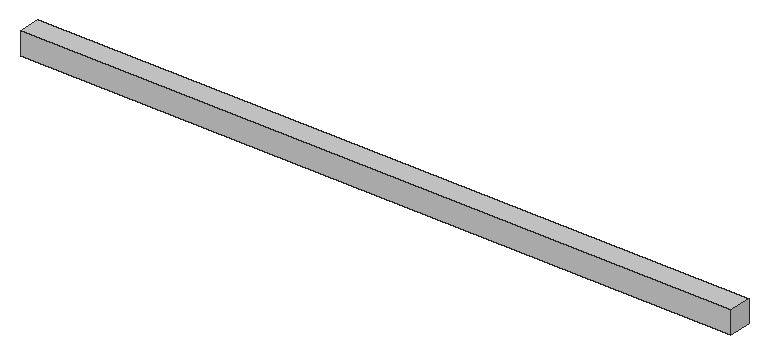
Revit family "M_Barras quadradas", category Quadro estrutural, Revit 2019
Family settings
  Arredondamento do comprimento do framing estrutural = 0.10 mm
  Forma do corte = Barra retangular
  Material para o comportamento do modelo = Aço
  Exportar sempre como geometria = Não
  Family Name Key = M_Square Bars
  Número OmniClass = 23.25.30.11.14.14
  Título OmniClass = Beams
  ID de item do Seek = M_Square Bar-0000-USA-ENU
  Sempre na vertical = Sim
  Corte com vazios quando carregada = Não
  Representação simbólica = Das configurações de projeto
  Compartilhado = Não
  Exibir o pré-corte da família na vista da planta = Sim
Parameters (values of type "RV38.1")
  Width = 38.10 mm
  Torsional Moment of Inertia = 0 cm⁴
  Torsional Modulus = 0.0 mm³
  Structural Material [instance] = Aço ASTM A36
  Chave do nome do corte = "RV 1 1/2"
  Section Area = 1451.6 mm²
  Plastic Modulus weak axis = 13827.0 mm³
  Plastic Modulus strong axis = 13827.0 mm³
  Perimeter = 0.49869 (stored number, unit not read)
  Nominal Weight = 0 N/m
  Moment of Inertia weak axis = 17.56 cm⁴
  Moment of Inertia strong axis = 17.56 cm⁴
  Length [instance] = 1500.00 mm
  Height = 38.10 mm
  Elastic Modulus weak axis = 9218.0 mm³
  Elastic Modulus strong axis = 9218.0 mm³
  Centroid Vertical = Height / 2  # 19.05 mm
  Centroid Horizontal = Width / 2  # 19.05 mm
  Código de montagem = "B10"
Reference planes
  plane 1 "Centro (Frente/Trás)": y = 0
  plane 2: z = 0
  plane 3 "Centro (Esquerda/Direita)": x = 4.61
  plane 4 "Membro esquerdo": x = -604.99
  plane 5 "Membro direito": x = 614.21
  plane 6: y = 19.05
  plane 7: y = -19.05
  plane 8 "Esquerda": x = -757.39
  plane 9 "Direita": x = 742.61
  plane 10: z = 19.05
  plane 11: z = -19.05
Forms (mm)
  Sweep 1, solid, material "Aço ASTM A36" <- "Structural Material", detail levels medium+fine
    path origin (0, 0, 0) x (1, 0, 0) y (0, 1, 0)
      loop
        line (-604.99, 0) -> (614.21, 0)
    profile "M_Barra plana-perfil : M_Barra plana-perfil" origin (4.61, 0, 0) x (0, 1, 0) y (0, 0, 1)
      loop
        line (-19.05, 19.05) -> (-19.05, -19.05) -> (19.05, -19.05) -> (19.05, 19.05) -> (-19.05, 19.05)
Lines and regions (mm)
  symbolic lines, style "Faces ocultas", detail levels medium+fine
    curve 1: line (-604.99, 0, -3.15) -> (614.21, 0, -3.15)
    curve 2: line (-604.99, 0, 3.15) -> (614.21, 0, 3.15)
  symbolic lines, style "Símbolos de vara", detail levels coarse
    curve 3: line (4.61, 19.05, 19.05) -> (4.61, -19.05, 19.05)
    curve 4: line (4.61, 19.05, -19.05) -> (4.61, 19.05, 19.05)
    curve 5: line (4.61, -19.05, -19.05) -> (4.61, 19.05, -19.05)
    curve 6: line (4.61, -19.05, 19.05) -> (4.61, -19.05, -19.05)
Dimensions and locks
  equal spacing: plane 6, plane 1 "Centro (Frente/Trás)", plane 7
  "Length": plane 8 "Esquerda" to plane 9 "Direita"
  equal spacing: plane 10, level, plane 11
  "Height": plane 10 to plane 11
  "Width": plane 6 to plane 7
  aligned and locked: plane 4 "Membro esquerdo" to curve 1
  aligned and locked: plane 5 "Membro direito" to curve 1
  aligned and locked: plane 4 "Membro esquerdo" to curve 2
  aligned and locked: plane 5 "Membro direito" to curve 2
  aligned and locked: plane 2 to level
  aligned and locked: plane 4 "Membro esquerdo" to Sweep 1 sketch curve
  aligned and locked: plane 5 "Membro direito" to Sweep 1 sketch curve
  aligned and locked: plane 1 "Centro (Frente/Trás)" to Sweep 1 sketch curve
  aligned and locked: curve 3 to Sweep 1
  aligned and locked: curve 4 to Sweep 1
  aligned and locked: curve 5 to Sweep 1
  aligned and locked: curve 6 to Sweep 1
Automatic sketch dimensions
  curve 1 to level = 3.15 mm
  level to curve 2 = 3.15 mm
Types in the file's own list only (191): name | Largura | Momento de inércia de torção | Módulo de torção | Chave do nome do corte | Área de corte | Eixo fraco do módulo plástico | Eixo forte do módulo plástico | Perímetro | Peso nominal | Eixo fraco do momento de inércia | Eixo forte do momento de inércia | Altura | Eixo fraco do módulo de elasticidade | Eixo forte do módulo de elasticidade | Centróide vertical | Centróide horizontal
  RV25.4 | 25.4 mm | 0.00 mm4 | 0.0 mm³ | "RV 1" | 645.2 mm² | 4097.0 mm³ | 4097.0 mm³ | 0.10 m²/m | 0.00 kgf/m | 34686.00 mm4 | 34686.00 mm4 | 25.4 mm | 2731.0 mm³ | 2731.0 mm³ | 12.7 mm | 12.7 mm
  RV26.99 | 27.0 mm | 0.00 mm4 | 0.0 mm³ | "RV 1 1/16" | 728.3 mm² | 4914.0 mm³ | 4914.0 mm³ | 0.11 m²/m | 0.00 kgf/m | 44205.00 mm4 | 44205.00 mm4 | 27.0 mm | 3276.0 mm³ | 3276.0 mm³ | 13.5 mm | 13.5 mm
  RV31.75 | 31.8 mm | 0.00 mm4 | 0.0 mm³ | "RV 1 1/4" | 1008.1 mm² | 8001.0 mm³ | 8001.0 mm³ | 0.13 m²/m | 0.00 kgf/m | 84683.00 mm4 | 84683.00 mm4 | 31.8 mm | 5334.0 mm³ | 5334.0 mm³ | 15.9 mm | 15.9 mm
  RV28.58 | 28.6 mm | 0.00 mm4 | 0.0 mm³ | "RV 1 1/8" | 816.5 mm² | 5833.0 mm³ | 5833.0 mm³ | 0.11 m²/m | 0.00 kgf/m | 55560.00 mm4 | 55560.00 mm4 | 28.6 mm | 3889.0 mm³ | 3889.0 mm³ | 14.3 mm | 14.3 mm
  RV42.86 | 42.9 mm | 0.00 mm4 | 0.0 mm³ | "RV 1 11/16" | 1837.2 mm² | 19687.0 mm³ | 19687.0 mm³ | 0.17 m²/m | 0.00 kgf/m | 281273.00 mm4 | 281273.00 mm4 | 42.9 mm | 13124.0 mm³ | 13124.0 mm³ | 21.4 mm | 21.4 mm
  RV46.04 | 46.0 mm | 0.00 mm4 | 0.0 mm³ | "RV 1 13/16" | 2119.5 mm² | 24394.0 mm³ | 24394.0 mm³ | 0.18 m²/m | 0.00 kgf/m | 374340.00 mm4 | 374340.00 mm4 | 46.0 mm | 16262.0 mm³ | 16262.0 mm³ | 23.0 mm | 23.0 mm
  RV49.21 | 49.2 mm | 0.00 mm4 | 0.0 mm³ | "RV 1 15/16" | 2421.9 mm² | 29797.0 mm³ | 29797.0 mm³ | 0.20 m²/m | 0.00 kgf/m | 488788.00 mm4 | 488788.00 mm4 | 49.2 mm | 19864.0 mm³ | 19864.0 mm³ | 24.6 mm | 24.6 mm
  RV30.16 | 30.2 mm | 0.00 mm4 | 0.0 mm³ | "RV 1 3/16" | 909.8 mm² | 6860.0 mm³ | 6860.0 mm³ | 0.12 m²/m | 0.00 kgf/m | 68974.00 mm4 | 68974.00 mm4 | 30.2 mm | 4574.0 mm³ | 4574.0 mm³ | 15.1 mm | 15.1 mm
  RV44.45 | 44.5 mm | 0.00 mm4 | 0.0 mm³ | "RV 1 3/4" | 1975.8 mm² | 21956.0 mm³ | 21956.0 mm³ | 0.18 m²/m | 0.00 kgf/m | 325316.00 mm4 | 325316.00 mm4 | 44.5 mm | 14637.0 mm³ | 14637.0 mm³ | 22.2 mm | 22.2 mm
  RV34.93 | 34.9 mm | 0.00 mm4 | 0.0 mm³ | "RV 1 3/8" | 1219.8 mm² | 10650.0 mm³ | 10650.0 mm³ | 0.14 m²/m | 0.00 kgf/m | 123984.00 mm4 | 123984.00 mm4 | 34.9 mm | 7100.0 mm³ | 7100.0 mm³ | 17.5 mm | 17.5 mm
  RV33.34 | 33.3 mm | 0.00 mm4 | 0.0 mm³ | "RV 1 5/16" | 1111.4 mm² | 9263.0 mm³ | 9263.0 mm³ | 0.13 m²/m | 0.00 kgf/m | 102932.00 mm4 | 102932.00 mm4 | 33.3 mm | 6175.0 mm³ | 6175.0 mm³ | 16.7 mm | 16.7 mm
  RV41.28 | 41.3 mm | 0.00 mm4 | 0.0 mm³ | "RV 1 5/8" | 1703.6 mm² | 17579.0 mm³ | 17579.0 mm³ | 0.17 m²/m | 0.00 kgf/m | 241862.00 mm4 | 241862.00 mm4 | 41.3 mm | 11720.0 mm³ | 11720.0 mm³ | 20.6 mm | 20.6 mm
  RV36.51 | 36.5 mm | 0.00 mm4 | 0.0 mm³ | "RV 1 7/16" | 1333.2 mm² | 12169.0 mm³ | 12169.0 mm³ | 0.15 m²/m | 0.00 kgf/m | 148110.00 mm4 | 148110.00 mm4 | 36.5 mm | 8113.0 mm³ | 8113.0 mm³ | 18.3 mm | 18.3 mm
  RV47.63 | 47.6 mm | 0.00 mm4 | 0.0 mm³ | "RV 1 7/8" | 2268.1 mm² | 27005.0 mm³ | 27005.0 mm³ | 0.19 m²/m | 0.00 kgf/m | 428705.00 mm4 | 428705.00 mm4 | 47.6 mm | 18003.0 mm³ | 18003.0 mm³ | 23.8 mm | 23.8 mm
  RV39.69 | 39.7 mm | 0.00 mm4 | 0.0 mm³ | "RV 1 9/16" | 1575.1 mm² | 15628.0 mm³ | 15628.0 mm³ | 0.16 m²/m | 0.00 kgf/m | 206744.00 mm4 | 206744.00 mm4 | 39.7 mm | 10419.0 mm³ | 10419.0 mm³ | 19.8 mm | 19.8 mm
  RV1.59 | 1.6 mm | 0.00 mm4 | 0.0 mm³ | "RV 1/16" | 2.5 mm² | 1.0 mm³ | 1.0 mm³ | 0.01 m²/m | 0.00 kgf/m | 0.50 mm4 | 0.50 mm4 | 1.6 mm | 0.7 mm³ | 0.7 mm³ | 0.8 mm | 0.8 mm
  RV12.7 | 12.7 mm | 0.00 mm4 | 0.0 mm³ | "RV 1/2" | 161.3 mm² | 512.0 mm³ | 512.0 mm³ | 0.05 m²/m | 0.00 kgf/m | 2168.00 mm4 | 2168.00 mm4 | 12.7 mm | 341.0 mm³ | 341.0 mm³ | 6.4 mm | 6.4 mm
  RV6.35 | 6.4 mm | 0.00 mm4 | 0.0 mm³ | "RV 1/4" | 40.3 mm² | 64.0 mm³ | 64.0 mm³ | 0.03 m²/m | 0.00 kgf/m | 135.00 mm4 | 135.00 mm4 | 6.4 mm | 43.0 mm³ | 43.0 mm³ | 3.2 mm | 3.2 mm
  RV3.18 | 3.2 mm | 0.00 mm4 | 0.0 mm³ | "RV 1/8" | 10.1 mm² | 8.0 mm³ | 8.0 mm³ | 0.01 m²/m | 0.00 kgf/m | 8.00 mm4 | 8.00 mm4 | 3.2 mm | 5.0 mm³ | 5.0 mm³ | 1.6 mm | 1.6 mm
  RV254 | 254.0 mm | 0.00 mm4 | 0.0 mm³ | "RV 10" | 64516.0 mm² | 4096766.0 mm³ | 4096766.0 mm³ | 1.02 m²/m | 0.00 kgf/m | 346859521.00 mm4 | 346859521.00 mm4 | 254.0 mm | 2731177.0 mm³ | 2731177.0 mm³ | 127.0 mm | 127.0 mm
  RV255.59 | 255.6 mm | 0.00 mm4 | 0.0 mm³ | "RV 10 1/16" | 65325.0 mm² | 4174061.0 mm³ | 4174061.0 mm³ | 1.02 m²/m | 0.00 kgf/m | 355612644.00 mm4 | 355612644.00 mm4 | 255.6 mm | 2782708.0 mm³ | 2782708.0 mm³ | 127.8 mm | 127.8 mm
  RV266.7 | 266.7 mm | 0.00 mm4 | 0.0 mm³ | "RV 10 1/2" | 71128.9 mm² | 4742519.0 mm³ | 4742519.0 mm³ | 1.07 m²/m | 0.00 kgf/m | 421609916.00 mm4 | 421609916.00 mm4 | 266.7 mm | 3161679.0 mm³ | 3161679.0 mm³ | 133.4 mm | 133.4 mm
  RV260.35 | 260.4 mm | 0.00 mm4 | 0.0 mm³ | "RV 10 1/4" | 67782.1 mm² | 4411769.0 mm³ | 4411769.0 mm³ | 1.04 m²/m | 0.00 kgf/m | 382868011.00 mm4 | 382868011.00 mm4 | 260.4 mm | 2941179.0 mm³ | 2941179.0 mm³ | 130.2 mm | 130.2 mm
  RV257.18 | 257.2 mm | 0.00 mm4 | 0.0 mm³ | "RV 10 1/8" | 66139.0 mm² | 4252323.0 mm³ | 4252323.0 mm³ | 1.03 m²/m | 0.00 kgf/m | 364530397.00 mm4 | 364530397.00 mm4 | 257.2 mm | 2834882.0 mm³ | 2834882.0 mm³ | 128.6 mm | 128.6 mm
  RV271.46 | 271.5 mm | 0.00 mm4 | 0.0 mm³ | "RV 10 11/16" | 73691.9 mm² | 5001146.0 mm³ | 5001146.0 mm³ | 1.09 m²/m | 0.00 kgf/m | 452541208.00 mm4 | 452541208.00 mm4 | 271.5 mm | 3334097.0 mm³ | 3334097.0 mm³ | 135.7 mm | 135.7 mm
  RV274.64 | 274.6 mm | 0.00 mm4 | 0.0 mm³ | "RV 10 13/16" | 75425.8 mm² | 5178685.0 mm³ | 5178685.0 mm³ | 1.10 m²/m | 0.00 kgf/m | 474087061.00 mm4 | 474087061.00 mm4 | 274.6 mm | 3452457.0 mm³ | 3452457.0 mm³ | 137.3 mm | 137.3 mm
  RV277.81 | 277.8 mm | 0.00 mm4 | 0.0 mm³ | "RV 10 15/16" | 77179.8 mm² | 5360377.0 mm³ | 5360377.0 mm³ | 1.11 m²/m | 0.00 kgf/m | 496393270.00 mm4 | 496393270.00 mm4 | 277.8 mm | 3573585.0 mm³ | 3573585.0 mm³ | 138.9 mm | 138.9 mm
  RV258.76 | 258.8 mm | 0.00 mm4 | 0.0 mm³ | "RV 10 3/16" | 66958.0 mm² | 4331557.0 mm³ | 4331557.0 mm³ | 1.04 m²/m | 0.00 kgf/m | 373614831.00 mm4 | 373614831.00 mm4 | 258.8 mm | 2887705.0 mm³ | 2887705.0 mm³ | 129.4 mm | 129.4 mm
  RV273.05 | 273.1 mm | 0.00 mm4 | 0.0 mm³ | "RV 10 3/4" | 74556.3 mm² | 5089400.0 mm³ | 5089400.0 mm³ | 1.09 m²/m | 0.00 kgf/m | 463220187.00 mm4 | 463220187.00 mm4 | 273.1 mm | 3392933.0 mm³ | 3392933.0 mm³ | 136.5 mm | 136.5 mm
  RV263.53 | 263.5 mm | 0.00 mm4 | 0.0 mm³ | "RV 10 3/8" | 69445.4 mm² | 4575151.0 mm³ | 4575151.0 mm³ | 1.05 m²/m | 0.00 kgf/m | 401888928.00 mm4 | 401888928.00 mm4 | 263.5 mm | 3050101.0 mm³ | 3050101.0 mm³ | 131.8 mm | 131.8 mm
  RV261.94 | 261.9 mm | 0.00 mm4 | 0.0 mm³ | "RV 10 5/16" | 68611.3 mm² | 4492965.0 mm³ | 4492965.0 mm³ | 1.05 m²/m | 0.00 kgf/m | 392292014.00 mm4 | 392292014.00 mm4 | 261.9 mm | 2995310.0 mm³ | 2995310.0 mm³ | 131.0 mm | 131.0 mm
  RV269.88 | 269.9 mm | 0.00 mm4 | 0.0 mm³ | "RV 10 5/8" | 72832.5 mm² | 4913919.0 mm³ | 4913919.0 mm³ | 1.08 m²/m | 0.00 kgf/m | 442047944.00 mm4 | 442047944.00 mm4 | 269.9 mm | 3275946.0 mm³ | 3275946.0 mm³ | 134.9 mm | 134.9 mm
  RV265.11 | 265.1 mm | 0.00 mm4 | 0.0 mm³ | "RV 10 7/16" | 70284.6 mm² | 4658334.0 mm³ | 4658334.0 mm³ | 1.06 m²/m | 0.00 kgf/m | 411660858.00 mm4 | 411660858.00 mm4 | 265.1 mm | 3105556.0 mm³ | 3105556.0 mm³ | 132.6 mm | 132.6 mm
  RV276.23 | 276.2 mm | 0.00 mm4 | 0.0 mm³ | "RV 10 7/8" | 76300.3 mm² | 5269009.0 mm³ | 5269009.0 mm³ | 1.10 m²/m | 0.00 kgf/m | 485144020.00 mm4 | 485144020.00 mm4 | 276.2 mm | 3512673.0 mm³ | 3512673.0 mm³ | 138.1 mm | 138.1 mm
  RV268.29 | 268.3 mm | 0.00 mm4 | 0.0 mm³ | "RV 10 9/16" | 71978.2 mm² | 4827712.0 mm³ | 4827712.0 mm³ | 1.07 m²/m | 0.00 kgf/m | 431738232.00 mm4 | 431738232.00 mm4 | 268.3 mm | 3218474.0 mm³ | 3218474.0 mm³ | 134.1 mm | 134.1 mm
  RV279.4 | 279.4 mm | 0.00 mm4 | 0.0 mm³ | "RV 11" | 78064.4 mm² | 5452796.0 mm³ | 5452796.0 mm³ | 1.12 m²/m | 0.00 kgf/m | 507837025.00 mm4 | 507837025.00 mm4 | 279.4 mm | 3635197.0 mm³ | 3635197.0 mm³ | 139.7 mm | 139.7 mm
  RV280.99 | 281.0 mm | 0.00 mm4 | 0.0 mm³ | "RV 11 1/16" | 78954.0 mm² | 5546270.0 mm³ | 5546270.0 mm³ | 1.12 m²/m | 0.00 kgf/m | 519477516.00 mm4 | 519477516.00 mm4 | 281.0 mm | 3697513.0 mm³ | 3697513.0 mm³ | 140.5 mm | 140.5 mm
  RV292.1 | 292.1 mm | 0.00 mm4 | 0.0 mm³ | "RV 11 1/2" | 85322.4 mm² | 6230669.0 mm³ | 6230669.0 mm³ | 1.17 m²/m | 0.00 kgf/m | 606659471.00 mm4 | 606659471.00 mm4 | 292.1 mm | 4153779.0 mm³ | 4153779.0 mm³ | 146.1 mm | 146.1 mm
  RV285.75 | 285.8 mm | 0.00 mm4 | 0.0 mm³ | "RV 11 1/4" | 81653.1 mm² | 5833091.0 mm³ | 5833091.0 mm³ | 1.14 m²/m | 0.00 kgf/m | 555601885.00 mm4 | 555601885.00 mm4 | 285.8 mm | 3888727.0 mm³ | 3888727.0 mm³ | 142.9 mm | 142.9 mm
  RV282.58 | 282.6 mm | 0.00 mm4 | 0.0 mm³ | "RV 11 1/8" | 79848.6 mm² | 5640807.0 mm³ | 5640807.0 mm³ | 1.13 m²/m | 0.00 kgf/m | 531316984.00 mm4 | 531316984.00 mm4 | 282.6 mm | 3760538.0 mm³ | 3760538.0 mm³ | 141.3 mm | 141.3 mm
  RV296.86 | 296.9 mm | 0.00 mm4 | 0.0 mm³ | "RV 11 11/16" | 88127.3 mm² | 6540426.0 mm³ | 6540426.0 mm³ | 1.19 m²/m | 0.00 kgf/m | 647202395.00 mm4 | 647202395.00 mm4 | 296.9 mm | 4360284.0 mm³ | 4360284.0 mm³ | 148.4 mm | 148.4 mm
  RV300.04 | 300.0 mm | 0.00 mm4 | 0.0 mm³ | "RV 11 13/16" | 90022.5 mm² | 6752532.0 mm³ | 6752532.0 mm³ | 1.20 m²/m | 0.00 kgf/m | 675337563.00 mm4 | 675337563.00 mm4 | 300.0 mm | 4501688.0 mm³ | 4501688.0 mm³ | 150.0 mm | 150.0 mm
  RV303.21 | 303.2 mm | 0.00 mm4 | 0.0 mm³ | "RV 11 15/16" | 91937.8 mm² | 6969174.0 mm³ | 6969174.0 mm³ | 1.21 m²/m | 0.00 kgf/m | 704380231.00 mm4 | 704380231.00 mm4 | 303.2 mm | 4646116.0 mm³ | 4646116.0 mm³ | 151.6 mm | 151.6 mm
  RV284.16 | 284.2 mm | 0.00 mm4 | 0.0 mm³ | "RV 11 3/16" | 80748.3 mm² | 5736412.0 mm³ | 5736412.0 mm³ | 1.14 m²/m | 0.00 kgf/m | 543357685.00 mm4 | 543357685.00 mm4 | 284.2 mm | 3824274.0 mm³ | 3824274.0 mm³ | 142.1 mm | 142.1 mm
  RV298.45 | 298.5 mm | 0.00 mm4 | 0.0 mm³ | "RV 11 3/4" | 89072.4 mm² | 6645915.0 mm³ | 6645915.0 mm³ | 1.19 m²/m | 0.00 kgf/m | 661157741.00 mm4 | 661157741.00 mm4 | 298.5 mm | 4430610.0 mm³ | 4430610.0 mm³ | 149.2 mm | 149.2 mm
  RV288.93 | 288.9 mm | 0.00 mm4 | 0.0 mm³ | "RV 11 3/8" | 83477.7 mm² | 6029695.0 mm³ | 6029695.0 mm³ | 1.16 m²/m | 0.00 kgf/m | 580709916.00 mm4 | 580709916.00 mm4 | 288.9 mm | 4019797.0 mm³ | 4019797.0 mm³ | 144.5 mm | 144.5 mm
  RV287.34 | 287.3 mm | 0.00 mm4 | 0.0 mm³ | "RV 11 5/16" | 82562.8 mm² | 5930850.0 mm³ | 5930850.0 mm³ | 1.15 m²/m | 0.00 kgf/m | 568051864.00 mm4 | 568051864.00 mm4 | 287.3 mm | 3953900.0 mm³ | 3953900.0 mm³ | 143.7 mm | 143.7 mm
  RV295.28 | 295.3 mm | 0.00 mm4 | 0.0 mm³ | "RV 11 5/8" | 87187.3 mm² | 6436059.0 mm³ | 6436059.0 mm³ | 1.18 m²/m | 0.00 kgf/m | 633469146.00 mm4 | 633469146.00 mm4 | 295.3 mm | 4290706.0 mm³ | 4290706.0 mm³ | 147.6 mm | 147.6 mm
  RV290.51 | 290.5 mm | 0.00 mm4 | 0.0 mm³ | "RV 11 7/16" | 84397.5 mm² | 6129633.0 mm³ | 6129633.0 mm³ | 1.16 m²/m | 0.00 kgf/m | 593578345.00 mm4 | 593578345.00 mm4 | 290.5 mm | 4086422.0 mm³ | 4086422.0 mm³ | 145.3 mm | 145.3 mm
  RV301.63 | 301.6 mm | 0.00 mm4 | 0.0 mm³ | "RV 11 7/8" | 90977.6 mm² | 6860283.0 mm³ | 6860283.0 mm³ | 1.21 m²/m | 0.00 kgf/m | 689744258.00 mm4 | 689744258.00 mm4 | 301.6 mm | 4573522.0 mm³ | 4573522.0 mm³ | 150.8 mm | 150.8 mm
  RV293.69 | 293.7 mm | 0.00 mm4 | 0.0 mm³ | "RV 11 9/16" | 86252.3 mm² | 6332809.0 mm³ | 6332809.0 mm³ | 1.17 m²/m | 0.00 kgf/m | 619955623.00 mm4 | 619955623.00 mm4 | 293.7 mm | 4221873.0 mm³ | 4221873.0 mm³ | 146.8 mm | 146.8 mm
  RV17.46 | 17.5 mm | 0.00 mm4 | 0.0 mm³ | "RV 11/16" | 304.9 mm² | 1331.0 mm³ | 1331.0 mm³ | 0.07 m²/m | 0.00 kgf/m | 7749.00 mm4 | 7749.00 mm4 | 17.5 mm | 887.0 mm³ | 887.0 mm³ | 8.7 mm | 8.7 mm
  RV304.8 | 304.8 mm | 0.00 mm4 | 0.0 mm³ | "RV 12" | 92903.0 mm² | 7079212.0 mm³ | 7079212.0 mm³ | 1.22 m²/m | 0.00 kgf/m | 719247903.00 mm4 | 719247903.00 mm4 | 304.8 mm | 4719474.0 mm³ | 4719474.0 mm³ | 152.4 mm | 152.4 mm
  RV20.64 | 20.6 mm | 0.00 mm4 | 0.0 mm³ | "RV 13/16" | 425.9 mm² | 2197.0 mm³ | 2197.0 mm³ | 0.08 m²/m | 0.00 kgf/m | 15116.00 mm4 | 15116.00 mm4 | 20.6 mm | 1465.0 mm³ | 1465.0 mm³ | 10.3 mm | 10.3 mm
  RV23.81 | 23.8 mm | 0.00 mm4 | 0.0 mm³ | "RV 15/16" | 567.0 mm² | 3376.0 mm³ | 3376.0 mm³ | 0.10 m²/m | 0.00 kgf/m | 26794.00 mm4 | 26794.00 mm4 | 23.8 mm | 2250.0 mm³ | 2250.0 mm³ | 11.9 mm | 11.9 mm
  RV50.8 | 50.8 mm | 0.00 mm4 | 0.0 mm³ | "RV 2" | 2580.6 mm² | 32774.0 mm³ | 32774.0 mm³ | 0.20 m²/m | 0.00 kgf/m | 554975.00 mm4 | 554975.00 mm4 | 50.8 mm | 21849.0 mm³ | 21849.0 mm³ | 25.4 mm | 25.4 mm
  RV52.39 | 52.4 mm | 0.00 mm4 | 0.0 mm³ | "RV 2 1/16" | 2744.5 mm² | 35944.0 mm³ | 35944.0 mm³ | 0.21 m²/m | 0.00 kgf/m | 627667.00 mm4 | 627667.00 mm4 | 52.4 mm | 23962.0 mm³ | 23962.0 mm³ | 26.2 mm | 26.2 mm
  RV63.5 | 63.5 mm | 0.00 mm4 | 0.0 mm³ | "RV 2 1/2" | 4032.3 mm² | 64012.0 mm³ | 64012.0 mm³ | 0.25 m²/m | 0.00 kgf/m | 1354920.00 mm4 | 1354920.00 mm4 | 63.5 mm | 42675.0 mm³ | 42675.0 mm³ | 31.8 mm | 31.8 mm
  RV57.15 | 57.2 mm | 0.00 mm4 | 0.0 mm³ | "RV 2 1/4" | 3266.1 mm² | 46665.0 mm³ | 46665.0 mm³ | 0.23 m²/m | 0.00 kgf/m | 888963.00 mm4 | 888963.00 mm4 | 57.2 mm | 31110.0 mm³ | 31110.0 mm³ | 28.6 mm | 28.6 mm
  RV53.98 | 54.0 mm | 0.00 mm4 | 0.0 mm³ | "RV 2 1/8" | 2913.3 mm² | 39311.0 mm³ | 39311.0 mm³ | 0.22 m²/m | 0.00 kgf/m | 707277.00 mm4 | 707277.00 mm4 | 54.0 mm | 26208.0 mm³ | 26208.0 mm³ | 27.0 mm | 27.0 mm
  RV68.26 | 68.3 mm | 0.00 mm4 | 0.0 mm³ | "RV 2 11/16" | 4659.8 mm² | 79522.0 mm³ | 79522.0 mm³ | 0.27 m²/m | 0.00 kgf/m | 1809454.00 mm4 | 1809454.00 mm4 | 68.3 mm | 53015.0 mm³ | 53015.0 mm³ | 34.1 mm | 34.1 mm
  RV71.44 | 71.4 mm | 0.00 mm4 | 0.0 mm³ | "RV 2 13/16" | 5103.3 mm² | 91142.0 mm³ | 91142.0 mm³ | 0.29 m²/m | 0.00 kgf/m | 2170320.00 mm4 | 2170320.00 mm4 | 71.4 mm | 60761.0 mm³ | 60761.0 mm³ | 35.7 mm | 35.7 mm
  RV74.61 | 74.6 mm | 0.00 mm4 | 0.0 mm³ | "RV 2 15/16" | 5567.0 mm² | 103842.0 mm³ | 103842.0 mm³ | 0.30 m²/m | 0.00 kgf/m | 2582647.00 mm4 | 2582647.00 mm4 | 74.6 mm | 69228.0 mm³ | 69228.0 mm³ | 37.3 mm | 37.3 mm
  RV55.56 | 55.6 mm | 0.00 mm4 | 0.0 mm³ | "RV 2 3/16" | 3087.2 mm² | 42883.0 mm³ | 42883.0 mm³ | 0.22 m²/m | 0.00 kgf/m | 794229.00 mm4 | 794229.00 mm4 | 55.6 mm | 28589.0 mm³ | 28589.0 mm³ | 27.8 mm | 27.8 mm
  RV69.85 | 69.9 mm | 0.00 mm4 | 0.0 mm³ | "RV 2 3/4" | 4879.0 mm² | 85200.0 mm³ | 85200.0 mm³ | 0.28 m²/m | 0.00 kgf/m | 1983738.00 mm4 | 1983738.00 mm4 | 69.9 mm | 56800.0 mm³ | 56800.0 mm³ | 34.9 mm | 34.9 mm
  RV60.33 | 60.3 mm | 0.00 mm4 | 0.0 mm³ | "RV 2 3/8" | 3639.1 mm² | 54882.0 mm³ | 54882.0 mm³ | 0.24 m²/m | 0.00 kgf/m | 1103591.00 mm4 | 1103591.00 mm4 | 60.3 mm | 36588.0 mm³ | 36588.0 mm³ | 30.2 mm | 30.2 mm
  RV58.74 | 58.7 mm | 0.00 mm4 | 0.0 mm³ | "RV 2 5/16" | 3450.1 mm² | 50662.0 mm³ | 50662.0 mm³ | 0.24 m²/m | 0.00 kgf/m | 991929.00 mm4 | 991929.00 mm4 | 58.7 mm | 33775.0 mm³ | 33775.0 mm³ | 29.4 mm | 29.4 mm
  RV66.68 | 66.7 mm | 0.00 mm4 | 0.0 mm³ | "RV 2 5/8" | 4445.6 mm² | 74102.0 mm³ | 74102.0 mm³ | 0.27 m²/m | 0.00 kgf/m | 1646914.00 mm4 | 1646914.00 mm4 | 66.7 mm | 49401.0 mm³ | 49401.0 mm³ | 33.3 mm | 33.3 mm
  RV61.91 | 61.9 mm | 0.00 mm4 | 0.0 mm³ | "RV 2 7/16" | 3833.2 mm² | 59330.0 mm³ | 59330.0 mm³ | 0.25 m²/m | 0.00 kgf/m | 1224425.00 mm4 | 1224425.00 mm4 | 61.9 mm | 39553.0 mm³ | 39553.0 mm³ | 31.0 mm | 31.0 mm
  RV73.03 | 73.0 mm | 0.00 mm4 | 0.0 mm³ | "RV 2 7/8" | 5332.7 mm² | 97354.0 mm³ | 97354.0 mm³ | 0.29 m²/m | 0.00 kgf/m | 2369764.00 mm4 | 2369764.00 mm4 | 73.0 mm | 64903.0 mm³ | 64903.0 mm³ | 36.5 mm | 36.5 mm
  RV65.09 | 65.1 mm | 0.00 mm4 | 0.0 mm³ | "RV 2 9/16" | 4236.4 mm² | 68934.0 mm³ | 68934.0 mm³ | 0.26 m²/m | 0.00 kgf/m | 1495578.00 mm4 | 1495578.00 mm4 | 65.1 mm | 45956.0 mm³ | 45956.0 mm³ | 32.5 mm | 32.5 mm
  RV76.2 | 76.2 mm | 0.00 mm4 | 0.0 mm³ | "RV 3" | 5806.4 mm² | 110613.0 mm³ | 110613.0 mm³ | 0.30 m²/m | 0.00 kgf/m | 2809562.00 mm4 | 2809562.00 mm4 | 76.2 mm | 73742.0 mm³ | 73742.0 mm³ | 38.1 mm | 38.1 mm
  RV77.79 | 77.8 mm | 0.00 mm4 | 0.0 mm³ | "RV 3 1/16" | 6050.9 mm² | 117671.0 mm³ | 117671.0 mm³ | 0.31 m²/m | 0.00 kgf/m | 3051111.00 mm4 | 3051111.00 mm4 | 77.8 mm | 78447.0 mm³ | 78447.0 mm³ | 38.9 mm | 38.9 mm
  RV88.9 | 88.9 mm | 0.00 mm4 | 0.0 mm³ | "RV 3 1/2" | 7903.2 mm² | 175649.0 mm³ | 175649.0 mm³ | 0.36 m²/m | 0.00 kgf/m | 5205061.00 mm4 | 5205061.00 mm4 | 88.9 mm | 117099.0 mm³ | 117099.0 mm³ | 44.5 mm | 44.5 mm
  RV82.55 | 82.6 mm | 0.00 mm4 | 0.0 mm³ | "RV 3 1/4" | 6814.5 mm² | 140634.0 mm³ | 140634.0 mm³ | 0.33 m²/m | 0.00 kgf/m | 3869787.00 mm4 | 3869787.00 mm4 | 82.6 mm | 93756.0 mm³ | 93756.0 mm³ | 41.3 mm | 41.3 mm
  RV79.38 | 79.4 mm | 0.00 mm4 | 0.0 mm³ | "RV 3 1/8" | 6300.4 mm² | 125023.0 mm³ | 125023.0 mm³ | 0.32 m²/m | 0.00 kgf/m | 3307910.00 mm4 | 3307910.00 mm4 | 79.4 mm | 83349.0 mm³ | 83349.0 mm³ | 39.7 mm | 39.7 mm
  RV93.66 | 93.7 mm | 0.00 mm4 | 0.0 mm³ | "RV 3 11/16" | 8772.7 mm² | 205417.0 mm³ | 205417.0 mm³ | 0.37 m²/m | 0.00 kgf/m | 6413303.00 mm4 | 6413303.00 mm4 | 93.7 mm | 136945.0 mm³ | 136945.0 mm³ | 46.8 mm | 46.8 mm
  RV96.84 | 96.8 mm | 0.00 mm4 | 0.0 mm³ | "RV 3 13/16" | 9377.5 mm² | 227023.0 mm³ | 227023.0 mm³ | 0.39 m²/m | 0.00 kgf/m | 7328128.00 mm4 | 7328128.00 mm4 | 96.8 mm | 151349.0 mm³ | 151349.0 mm³ | 48.4 mm | 48.4 mm
  RV100.01 | 100.0 mm | 0.00 mm4 | 0.0 mm³ | "RV 3 15/16" | 10002.5 mm² | 250094.0 mm³ | 250094.0 mm³ | 0.40 m²/m | 0.00 kgf/m | 8337501.00 mm4 | 8337501.00 mm4 | 100.0 mm | 166729.0 mm³ | 166729.0 mm³ | 50.0 mm | 50.0 mm
  RV80.96 | 81.0 mm | 0.00 mm4 | 0.0 mm³ | "RV 3 3/16" | 6554.9 mm² | 132676.0 mm³ | 132676.0 mm³ | 0.32 m²/m | 0.00 kgf/m | 3580588.00 mm4 | 3580588.00 mm4 | 81.0 mm | 88451.0 mm³ | 88451.0 mm³ | 40.5 mm | 40.5 mm
  RV95.25 | 95.3 mm | 0.00 mm4 | 0.0 mm³ | "RV 3 3/4" | 9072.6 mm² | 216040.0 mm³ | 216040.0 mm³ | 0.38 m²/m | 0.00 kgf/m | 6859283.00 mm4 | 6859283.00 mm4 | 95.3 mm | 144027.0 mm³ | 144027.0 mm³ | 47.6 mm | 47.6 mm
  RV85.73 | 85.7 mm | 0.00 mm4 | 0.0 mm³ | "RV 3 3/8" | 7348.8 mm² | 157493.0 mm³ | 157493.0 mm³ | 0.34 m²/m | 0.00 kgf/m | 4500375.00 mm4 | 4500375.00 mm4 | 85.7 mm | 104996.0 mm³ | 104996.0 mm³ | 42.9 mm | 42.9 mm
  RV84.14 | 84.1 mm | 0.00 mm4 | 0.0 mm³ | "RV 3 5/16" | 7079.1 mm² | 148905.0 mm³ | 148905.0 mm³ | 0.34 m²/m | 0.00 kgf/m | 4176160.00 mm4 | 4176160.00 mm4 | 84.1 mm | 99270.0 mm³ | 99270.0 mm³ | 42.1 mm | 42.1 mm
  RV92.08 | 92.1 mm | 0.00 mm4 | 0.0 mm³ | "RV 3 5/8" | 8477.8 mm² | 195148.0 mm³ | 195148.0 mm³ | 0.37 m²/m | 0.00 kgf/m | 5989432.00 mm4 | 5989432.00 mm4 | 92.1 mm | 130099.0 mm³ | 130099.0 mm³ | 46.0 mm | 46.0 mm
  RV87.31 | 87.3 mm | 0.00 mm4 | 0.0 mm³ | "RV 3 7/16" | 7623.5 mm² | 166406.0 mm³ | 166406.0 mm³ | 0.35 m²/m | 0.00 kgf/m | 4843111.00 mm4 | 4843111.00 mm4 | 87.3 mm | 110937.0 mm³ | 110937.0 mm³ | 43.7 mm | 43.7 mm
  RV98.43 | 98.4 mm | 0.00 mm4 | 0.0 mm³ | "RV 3 7/8" | 9687.5 mm² | 238373.0 mm³ | 238373.0 mm³ | 0.39 m²/m | 0.00 kgf/m | 7820607.00 mm4 | 7820607.00 mm4 | 98.4 mm | 158915.0 mm³ | 158915.0 mm³ | 49.2 mm | 49.2 mm
  RV90.49 | 90.5 mm | 0.00 mm4 | 0.0 mm³ | "RV 3 9/16" | 8188.0 mm² | 185228.0 mm³ | 185228.0 mm³ | 0.36 m²/m | 0.00 kgf/m | 5586928.00 mm4 | 5586928.00 mm4 | 90.5 mm | 123485.0 mm³ | 123485.0 mm³ | 45.2 mm | 45.2 mm
  RV4.76 | 4.8 mm | 0.00 mm4 | 0.0 mm³ | "RV 3/16" | 22.7 mm² | 27.0 mm³ | 27.0 mm³ | 0.02 m²/m | 0.00 kgf/m | 43.00 mm4 | 43.00 mm4 | 4.8 mm | 18.0 mm³ | 18.0 mm³ | 2.4 mm | 2.4 mm
  RV19.05 | 19.1 mm | 0.00 mm4 | 0.0 mm³ | "RV 3/4" | 362.9 mm² | 1728.0 mm³ | 1728.0 mm³ | 0.08 m²/m | 0.00 kgf/m | 10975.00 mm4 | 10975.00 mm4 | 19.1 mm | 1152.0 mm³ | 1152.0 mm³ | 9.5 mm | 9.5 mm
  RV9.53 | 9.5 mm | 0.00 mm4 | 0.0 mm³ | "RV 3/8" | 90.7 mm² | 216.0 mm³ | 216.0 mm³ | 0.04 m²/m | 0.00 kgf/m | 686.00 mm4 | 686.00 mm4 | 9.5 mm | 144.0 mm³ | 144.0 mm³ | 4.8 mm | 4.8 mm
  RV101.6 | 101.6 mm | 0.00 mm4 | 0.0 mm³ | "RV 4" | 10322.6 mm² | 262193.0 mm³ | 262193.0 mm³ | 0.41 m²/m | 0.00 kgf/m | 8879604.00 mm4 | 8879604.00 mm4 | 101.6 mm | 174795.0 mm³ | 174795.0 mm³ | 50.8 mm | 50.8 mm
  RV103.19 | 103.2 mm | 0.00 mm4 | 0.0 mm³ | "RV 4 1/16" | 10647.7 mm² | 274676.0 mm³ | 274676.0 mm³ | 0.41 m²/m | 0.00 kgf/m | 9447722.00 mm4 | 9447722.00 mm4 | 103.2 mm | 183118.0 mm³ | 183118.0 mm³ | 51.6 mm | 51.6 mm
  RV114.3 | 114.3 mm | 0.00 mm4 | 0.0 mm³ | "RV 4 1/2" | 13064.5 mm² | 373318.0 mm³ | 373318.0 mm³ | 0.46 m²/m | 0.00 kgf/m | 14223408.00 mm4 | 14223408.00 mm4 | 114.3 mm | 248879.0 mm³ | 248879.0 mm³ | 57.2 mm | 57.2 mm
  RV107.95 | 108.0 mm | 0.00 mm4 | 0.0 mm³ | "RV 4 1/4" | 11653.2 mm² | 314491.0 mm³ | 314491.0 mm³ | 0.43 m²/m | 0.00 kgf/m | 11316427.00 mm4 | 11316427.00 mm4 | 108.0 mm | 209661.0 mm³ | 209661.0 mm³ | 54.0 mm | 54.0 mm
  RV104.78 | 104.8 mm | 0.00 mm4 | 0.0 mm³ | "RV 4 1/8" | 10977.8 mm² | 287550.0 mm³ | 287550.0 mm³ | 0.42 m²/m | 0.00 kgf/m | 10042676.00 mm4 | 10042676.00 mm4 | 104.8 mm | 191700.0 mm³ | 191700.0 mm³ | 52.4 mm | 52.4 mm
  RV119.06 | 119.1 mm | 0.00 mm4 | 0.0 mm³ | "RV 4 11/16" | 14175.9 mm² | 421954.0 mm³ | 421954.0 mm³ | 0.48 m²/m | 0.00 kgf/m | 16746295.00 mm4 | 16746295.00 mm4 | 119.1 mm | 281303.0 mm³ | 281303.0 mm³ | 59.5 mm | 59.5 mm
  RV122.24 | 122.2 mm | 0.00 mm4 | 0.0 mm³ | "RV 4 13/16" | 14942.0 mm² | 456618.0 mm³ | 456618.0 mm³ | 0.49 m²/m | 0.00 kgf/m | 18605296.00 mm4 | 18605296.00 mm4 | 122.2 mm | 304412.0 mm³ | 304412.0 mm³ | 61.1 mm | 61.1 mm
  RV125.41 | 125.4 mm | 0.00 mm4 | 0.0 mm³ | "RV 4 15/16" | 15728.3 mm² | 493131.0 mm³ | 493131.0 mm³ | 0.50 m²/m | 0.00 kgf/m | 20614939.00 mm4 | 20614939.00 mm4 | 125.4 mm | 328754.0 mm³ | 328754.0 mm³ | 62.7 mm | 62.7 mm
  RV106.36 | 106.4 mm | 0.00 mm4 | 0.0 mm³ | "RV 4 3/16" | 11313.0 mm² | 300819.0 mm³ | 300819.0 mm³ | 0.43 m²/m | 0.00 kgf/m | 10665296.00 mm4 | 10665296.00 mm4 | 106.4 mm | 200546.0 mm³ | 200546.0 mm³ | 53.2 mm | 53.2 mm
  RV120.65 | 120.7 mm | 0.00 mm4 | 0.0 mm³ | "RV 4 3/4" | 14556.4 mm² | 439058.0 mm³ | 439058.0 mm³ | 0.48 m²/m | 0.00 kgf/m | 17657453.00 mm4 | 17657453.00 mm4 | 120.7 mm | 292705.0 mm³ | 292705.0 mm³ | 60.3 mm | 60.3 mm
  RV111.13 | 111.1 mm | 0.00 mm4 | 0.0 mm³ | "RV 4 3/8" | 12348.8 mm² | 343064.0 mm³ | 343064.0 mm³ | 0.44 m²/m | 0.00 kgf/m | 12707668.00 mm4 | 12707668.00 mm4 | 111.1 mm | 228709.0 mm³ | 228709.0 mm³ | 55.6 mm | 55.6 mm
  RV109.54 | 109.5 mm | 0.00 mm4 | 0.0 mm³ | "RV 4 5/16" | 11998.5 mm² | 328570.0 mm³ | 328570.0 mm³ | 0.44 m²/m | 0.00 kgf/m | 11996928.00 mm4 | 11996928.00 mm4 | 109.5 mm | 219047.0 mm³ | 219047.0 mm³ | 54.8 mm | 54.8 mm
  RV117.48 | 117.5 mm | 0.00 mm4 | 0.0 mm³ | "RV 4 5/8" | 13800.4 mm² | 405300.0 mm³ | 405300.0 mm³ | 0.47 m²/m | 0.00 kgf/m | 15870864.00 mm4 | 15870864.00 mm4 | 117.5 mm | 270200.0 mm³ | 270200.0 mm³ | 58.7 mm | 58.7 mm
  RV112.71 | 112.7 mm | 0.00 mm4 | 0.0 mm³ | "RV 4 7/16" | 12704.1 mm² | 357978.0 mm³ | 357978.0 mm³ | 0.45 m²/m | 0.00 kgf/m | 13449529.00 mm4 | 13449529.00 mm4 | 112.7 mm | 238652.0 mm³ | 238652.0 mm³ | 56.4 mm | 56.4 mm
  RV123.83 | 123.8 mm | 0.00 mm4 | 0.0 mm³ | "RV 4 7/8" | 15332.6 mm² | 474641.0 mm³ | 474641.0 mm³ | 0.50 m²/m | 0.00 kgf/m | 19590797.00 mm4 | 19590797.00 mm4 | 123.8 mm | 316427.0 mm³ | 316427.0 mm³ | 61.9 mm | 61.9 mm
  RV115.89 | 115.9 mm | 0.00 mm4 | 0.0 mm³ | "RV 4 9/16" | 13429.9 mm² | 389090.0 mm³ | 389090.0 mm³ | 0.46 m²/m | 0.00 kgf/m | 15030213.00 mm4 | 15030213.00 mm4 | 115.9 mm | 259393.0 mm³ | 259393.0 mm³ | 57.9 mm | 57.9 mm
  RV127 | 127.0 mm | 0.00 mm4 | 0.0 mm³ | "RV 5" | 16129.0 mm² | 512096.0 mm³ | 512096.0 mm³ | 0.51 m²/m | 0.00 kgf/m | 21678720.00 mm4 | 21678720.00 mm4 | 127.0 mm | 341397.0 mm³ | 341397.0 mm³ | 63.5 mm | 63.5 mm
  RV128.59 | 128.6 mm | 0.00 mm4 | 0.0 mm³ | "RV 5 1/16" | 16534.7 mm² | 531540.0 mm³ | 531540.0 mm³ | 0.51 m²/m | 0.00 kgf/m | 22783150.00 mm4 | 22783150.00 mm4 | 128.6 mm | 354360.0 mm³ | 354360.0 mm³ | 64.3 mm | 64.3 mm
  RV139.7 | 139.7 mm | 0.00 mm4 | 0.0 mm³ | "RV 5 1/2" | 19516.1 mm² | 681599.0 mm³ | 681599.0 mm³ | 0.56 m²/m | 0.00 kgf/m | 31739814.00 mm4 | 31739814.00 mm4 | 139.7 mm | 454400.0 mm³ | 454400.0 mm³ | 69.9 mm | 69.9 mm
  RV133.35 | 133.4 mm | 0.00 mm4 | 0.0 mm³ | "RV 5 1/4" | 17782.2 mm² | 592815.0 mm³ | 592815.0 mm³ | 0.53 m²/m | 0.00 kgf/m | 26350620.00 mm4 | 26350620.00 mm4 | 133.4 mm | 395210.0 mm³ | 395210.0 mm³ | 66.7 mm | 66.7 mm
  RV130.18 | 130.2 mm | 0.00 mm4 | 0.0 mm³ | "RV 5 1/8" | 16945.5 mm² | 551471.0 mm³ | 551471.0 mm³ | 0.52 m²/m | 0.00 kgf/m | 23929251.00 mm4 | 23929251.00 mm4 | 130.2 mm | 367647.0 mm³ | 367647.0 mm³ | 65.1 mm | 65.1 mm
  RV144.46 | 144.5 mm | 0.00 mm4 | 0.0 mm³ | "RV 5 11/16" | 20869.4 mm² | 753712.0 mm³ | 753712.0 mm³ | 0.58 m²/m | 0.00 kgf/m | 36294370.00 mm4 | 36294370.00 mm4 | 144.5 mm | 502475.0 mm³ | 502475.0 mm³ | 72.2 mm | 72.2 mm
  RV147.64 | 147.6 mm | 0.00 mm4 | 0.0 mm³ | "RV 5 13/16" | 21796.8 mm² | 804507.0 mm³ | 804507.0 mm³ | 0.59 m²/m | 0.00 kgf/m | 39591822.00 mm4 | 39591822.00 mm4 | 147.6 mm | 536338.0 mm³ | 536338.0 mm³ | 73.8 mm | 73.8 mm
  RV150.81 | 150.8 mm | 0.00 mm4 | 0.0 mm³ | "RV 5 15/16" | 22744.4 mm² | 857535.0 mm³ | 857535.0 mm³ | 0.60 m²/m | 0.00 kgf/m | 43109016.00 mm4 | 43109016.00 mm4 | 150.8 mm | 571690.0 mm³ | 571690.0 mm³ | 75.4 mm | 75.4 mm
  RV131.76 | 131.8 mm | 0.00 mm4 | 0.0 mm³ | "RV 5 3/16" | 17361.4 mm² | 571894.0 mm³ | 571894.0 mm³ | 0.53 m²/m | 0.00 kgf/m | 25118058.00 mm4 | 25118058.00 mm4 | 131.8 mm | 381263.0 mm³ | 381263.0 mm³ | 65.9 mm | 65.9 mm
  RV146.05 | 146.1 mm | 0.00 mm4 | 0.0 mm³ | "RV 5 3/4" | 21330.6 mm² | 778834.0 mm³ | 778834.0 mm³ | 0.58 m²/m | 0.00 kgf/m | 37916217.00 mm4 | 37916217.00 mm4 | 146.1 mm | 519222.0 mm³ | 519222.0 mm³ | 73.0 mm | 73.0 mm
  RV136.53 | 136.5 mm | 0.00 mm4 | 0.0 mm³ | "RV 5 3/8" | 18639.1 mm² | 636175.0 mm³ | 636175.0 mm³ | 0.55 m²/m | 0.00 kgf/m | 28951262.00 mm4 | 28951262.00 mm4 | 136.5 mm | 424117.0 mm³ | 424117.0 mm³ | 68.3 mm | 68.3 mm
  RV134.94 | 134.9 mm | 0.00 mm4 | 0.0 mm³ | "RV 5 5/16" | 18208.1 mm² | 614240.0 mm³ | 614240.0 mm³ | 0.54 m²/m | 0.00 kgf/m | 27627997.00 mm4 | 27627997.00 mm4 | 134.9 mm | 409493.0 mm³ | 409493.0 mm³ | 67.5 mm | 67.5 mm
  RV142.88 | 142.9 mm | 0.00 mm4 | 0.0 mm³ | "RV 5 5/8" | 20413.3 mm² | 729136.0 mm³ | 729136.0 mm³ | 0.57 m²/m | 0.00 kgf/m | 34725118.00 mm4 | 34725118.00 mm4 | 142.9 mm | 486091.0 mm³ | 486091.0 mm³ | 71.4 mm | 71.4 mm
  RV138.11 | 138.1 mm | 0.00 mm4 | 0.0 mm³ | "RV 5 7/16" | 19075.1 mm² | 658626.0 mm³ | 658626.0 mm³ | 0.55 m²/m | 0.00 kgf/m | 30321501.00 mm4 | 30321501.00 mm4 | 138.1 mm | 439084.0 mm³ | 439084.0 mm³ | 69.1 mm | 69.1 mm
  RV149.23 | 149.2 mm | 0.00 mm4 | 0.0 mm³ | "RV 5 7/8" | 22268.1 mm² | 830739.0 mm³ | 830739.0 mm³ | 0.60 m²/m | 0.00 kgf/m | 41322359.00 mm4 | 41322359.00 mm4 | 149.2 mm | 553826.0 mm³ | 553826.0 mm³ | 74.6 mm | 74.6 mm
  RV141.29 | 141.3 mm | 0.00 mm4 | 0.0 mm³ | "RV 5 9/16" | 19962.2 mm² | 705101.0 mm³ | 705101.0 mm³ | 0.57 m²/m | 0.00 kgf/m | 33207312.00 mm4 | 33207312.00 mm4 | 141.3 mm | 470067.0 mm³ | 470067.0 mm³ | 70.6 mm | 70.6 mm
  RV7.94 | 7.9 mm | 0.00 mm4 | 0.0 mm³ | "RV 5/16" | 63.0 mm² | 125.0 mm³ | 125.0 mm³ | 0.03 m²/m | 0.00 kgf/m | 331.00 mm4 | 331.00 mm4 | 7.9 mm | 83.0 mm³ | 83.0 mm³ | 4.0 mm | 4.0 mm
  RV15.88 | 15.9 mm | 0.00 mm4 | 0.0 mm³ | "RV 5/8" | 252.0 mm² | 1000.0 mm³ | 1000.0 mm³ | 0.06 m²/m | 0.00 kgf/m | 5293.00 mm4 | 5293.00 mm4 | 15.9 mm | 667.0 mm³ | 667.0 mm³ | 7.9 mm | 7.9 mm
  RV152.4 | 152.4 mm | 0.00 mm4 | 0.0 mm³ | "RV 6" | 23225.8 mm² | 884901.0 mm³ | 884901.0 mm³ | 0.61 m²/m | 0.00 kgf/m | 44952994.00 mm4 | 44952994.00 mm4 | 152.4 mm | 589934.0 mm³ | 589934.0 mm³ | 76.2 mm | 76.2 mm
  RV153.99 | 154.0 mm | 0.00 mm4 | 0.0 mm³ | "RV 6 1/16" | 23712.2 mm² | 912844.0 mm³ | 912844.0 mm³ | 0.62 m²/m | 0.00 kgf/m | 46855505.00 mm4 | 46855505.00 mm4 | 154.0 mm | 608562.0 mm³ | 608562.0 mm³ | 77.0 mm | 77.0 mm
  RV165.1 | 165.1 mm | 0.00 mm4 | 0.0 mm³ | "RV 6 1/2" | 27258.0 mm² | 1125074.0 mm³ | 1125074.0 mm³ | 0.66 m²/m | 0.00 kgf/m | 61916592.00 mm4 | 61916592.00 mm4 | 165.1 mm | 750050.0 mm³ | 750050.0 mm³ | 82.6 mm | 82.6 mm
  RV158.75 | 158.8 mm | 0.00 mm4 | 0.0 mm³ | "RV 6 1/4" | 25201.6 mm² | 1000187.0 mm³ | 1000187.0 mm³ | 0.64 m²/m | 0.00 kgf/m | 52926563.00 mm4 | 52926563.00 mm4 | 158.8 mm | 666791.0 mm³ | 666791.0 mm³ | 79.4 mm | 79.4 mm
  RV155.58 | 155.6 mm | 0.00 mm4 | 0.0 mm³ | "RV 6 1/8" | 24203.6 mm² | 941368.0 mm³ | 941368.0 mm³ | 0.62 m²/m | 0.00 kgf/m | 48817776.00 mm4 | 48817776.00 mm4 | 155.6 mm | 627579.0 mm³ | 627579.0 mm³ | 77.8 mm | 77.8 mm
  RV169.86 | 169.9 mm | 0.00 mm4 | 0.0 mm³ | "RV 6 11/16" | 28853.3 mm² | 1225272.0 mm³ | 1225272.0 mm³ | 0.68 m²/m | 0.00 kgf/m | 69375927.00 mm4 | 69375927.00 mm4 | 169.9 mm | 816848.0 mm³ | 816848.0 mm³ | 84.9 mm | 84.9 mm
  RV173.04 | 173.0 mm | 0.00 mm4 | 0.0 mm³ | "RV 6 13/16" | 29942.0 mm² | 1295271.0 mm³ | 1295271.0 mm³ | 0.69 m²/m | 0.00 kgf/m | 74710163.00 mm4 | 74710163.00 mm4 | 173.0 mm | 863514.0 mm³ | 863514.0 mm³ | 86.5 mm | 86.5 mm
  RV176.21 | 176.2 mm | 0.00 mm4 | 0.0 mm³ | "RV 6 15/16" | 31050.8 mm² | 1367887.0 mm³ | 1367887.0 mm³ | 0.70 m²/m | 0.00 kgf/m | 80346249.00 mm4 | 80346249.00 mm4 | 176.2 mm | 911925.0 mm³ | 911925.0 mm³ | 88.1 mm | 88.1 mm
  RV157.16 | 157.2 mm | 0.00 mm4 | 0.0 mm³ | "RV 6 3/16" | 24700.1 mm² | 970480.0 mm³ | 970480.0 mm³ | 0.63 m²/m | 0.00 kgf/m | 50841045.00 mm4 | 50841045.00 mm4 | 157.2 mm | 646987.0 mm³ | 646987.0 mm³ | 78.6 mm | 78.6 mm
  RV171.45 | 171.5 mm | 0.00 mm4 | 0.0 mm³ | "RV 6 3/4" | 29395.1 mm² | 1259948.0 mm³ | 1259948.0 mm³ | 0.69 m²/m | 0.00 kgf/m | 72006004.00 mm4 | 72006004.00 mm4 | 171.5 mm | 839965.0 mm³ | 839965.0 mm³ | 85.7 mm | 85.7 mm
  RV161.93 | 161.9 mm | 0.00 mm4 | 0.0 mm³ | "RV 6 3/8" | 26219.7 mm² | 1061406.0 mm³ | 1061406.0 mm³ | 0.65 m²/m | 0.00 kgf/m | 57289414.00 mm4 | 57289414.00 mm4 | 161.9 mm | 707604.0 mm³ | 707604.0 mm³ | 81.0 mm | 81.0 mm
  RV160.34 | 160.3 mm | 0.00 mm4 | 0.0 mm³ | "RV 6 5/16" | 25708.1 mm² | 1030494.0 mm³ | 1030494.0 mm³ | 0.64 m²/m | 0.00 kgf/m | 55075593.00 mm4 | 55075593.00 mm4 | 160.3 mm | 686996.0 mm³ | 686996.0 mm³ | 80.2 mm | 80.2 mm
  RV168.28 | 168.3 mm | 0.00 mm4 | 0.0 mm³ | "RV 6 5/8" | 28316.5 mm² | 1191239.0 mm³ | 1191239.0 mm³ | 0.67 m²/m | 0.00 kgf/m | 66818566.00 mm4 | 66818566.00 mm4 | 168.3 mm | 794159.0 mm³ | 794159.0 mm³ | 84.1 mm | 84.1 mm
  RV163.51 | 163.5 mm | 0.00 mm4 | 0.0 mm³ | "RV 6 7/16" | 26736.3 mm² | 1092931.0 mm³ | 1092931.0 mm³ | 0.65 m²/m | 0.00 kgf/m | 59569313.00 mm4 | 59569313.00 mm4 | 163.5 mm | 728621.0 mm³ | 728621.0 mm³ | 81.8 mm | 81.8 mm
  RV174.63 | 174.6 mm | 0.00 mm4 | 0.0 mm³ | "RV 6 7/8" | 30493.9 mm² | 1331249.0 mm³ | 1331249.0 mm³ | 0.70 m²/m | 0.00 kgf/m | 77489780.00 mm4 | 77489780.00 mm4 | 174.6 mm | 887499.0 mm³ | 887499.0 mm³ | 87.3 mm | 87.3 mm
  RV166.69 | 166.7 mm | 0.00 mm4 | 0.0 mm³ | "RV 6 9/16" | 27784.7 mm² | 1157841.0 mm³ | 1157841.0 mm³ | 0.67 m²/m | 0.00 kgf/m | 64332568.00 mm4 | 64332568.00 mm4 | 166.7 mm | 771894.0 mm³ | 771894.0 mm³ | 83.3 mm | 83.3 mm
  RV177.8 | 177.8 mm | 0.00 mm4 | 0.0 mm³ | "RV 7" | 31612.8 mm² | 1405191.0 mm³ | 1405191.0 mm³ | 0.71 m²/m | 0.00 kgf/m | 83280971.00 mm4 | 83280971.00 mm4 | 177.8 mm | 936794.0 mm³ | 936794.0 mm³ | 88.9 mm | 88.9 mm
  RV179.39 | 179.4 mm | 0.00 mm4 | 0.0 mm³ | "RV 7 1/16" | 32179.9 mm² | 1443167.0 mm³ | 1443167.0 mm³ | 0.72 m²/m | 0.00 kgf/m | 86295364.00 mm4 | 86295364.00 mm4 | 179.4 mm | 962111.0 mm³ | 962111.0 mm³ | 89.7 mm | 89.7 mm
  RV190.5 | 190.5 mm | 0.00 mm4 | 0.0 mm³ | "RV 7 1/2" | 36290.3 mm² | 1728323.0 mm³ | 1728323.0 mm³ | 0.76 m²/m | 0.00 kgf/m | 109748520.00 mm4 | 109748520.00 mm4 | 190.5 mm | 1152215.0 mm³ | 1152215.0 mm³ | 95.3 mm | 95.3 mm
  RV184.15 | 184.2 mm | 0.00 mm4 | 0.0 mm³ | "RV 7 1/4" | 33911.2 mm² | 1561188.0 mm³ | 1561188.0 mm³ | 0.74 m²/m | 0.00 kgf/m | 95830918.00 mm4 | 95830918.00 mm4 | 184.2 mm | 1040792.0 mm³ | 1040792.0 mm³ | 92.1 mm | 92.1 mm
  RV180.98 | 181.0 mm | 0.00 mm4 | 0.0 mm³ | "RV 7 1/8" | 32752.0 mm² | 1481821.0 mm³ | 1481821.0 mm³ | 0.72 m²/m | 0.00 kgf/m | 89390856.00 mm4 | 89390856.00 mm4 | 181.0 mm | 987881.0 mm³ | 987881.0 mm³ | 90.5 mm | 90.5 mm
  RV195.26 | 195.3 mm | 0.00 mm4 | 0.0 mm³ | "RV 7 11/16" | 38127.4 mm² | 1861215.0 mm³ | 1861215.0 mm³ | 0.78 m²/m | 0.00 kgf/m | 121141832.00 mm4 | 121141832.00 mm4 | 195.3 mm | 1240810.0 mm³ | 1240810.0 mm³ | 97.6 mm | 97.6 mm
  RV198.44 | 198.4 mm | 0.00 mm4 | 0.0 mm³ | "RV 7 13/16" | 39377.4 mm² | 1953490.0 mm³ | 1953490.0 mm³ | 0.79 m²/m | 0.00 kgf/m | 129215241.00 mm4 | 129215241.00 mm4 | 198.4 mm | 1302327.0 mm³ | 1302327.0 mm³ | 99.2 mm | 99.2 mm
  RV201.61 | 201.6 mm | 0.00 mm4 | 0.0 mm³ | "RV 7 15/16" | 40647.6 mm² | 2048766.0 mm³ | 2048766.0 mm³ | 0.81 m²/m | 0.00 kgf/m | 137685617.00 mm4 | 137685617.00 mm4 | 201.6 mm | 1365844.0 mm³ | 1365844.0 mm³ | 100.8 mm | 100.8 mm
  RV182.56 | 182.6 mm | 0.00 mm4 | 0.0 mm³ | "RV 7 3/16" | 33329.1 mm² | 1521159.0 mm³ | 1521159.0 mm³ | 0.73 m²/m | 0.00 kgf/m | 92568889.00 mm4 | 92568889.00 mm4 | 182.6 mm | 1014106.0 mm³ | 1014106.0 mm³ | 91.3 mm | 91.3 mm
  RV196.85 | 196.9 mm | 0.00 mm4 | 0.0 mm³ | "RV 7 3/4" | 38749.9 mm² | 1906981.0 mm³ | 1906981.0 mm³ | 0.79 m²/m | 0.00 kgf/m | 125129708.00 mm4 | 125129708.00 mm4 | 196.9 mm | 1271320.0 mm³ | 1271320.0 mm³ | 98.4 mm | 98.4 mm
  RV187.33 | 187.3 mm | 0.00 mm4 | 0.0 mm³ | "RV 7 3/8" | 35090.7 mm² | 1643339.0 mm³ | 1643339.0 mm³ | 0.75 m²/m | 0.00 kgf/m | 102612843.00 mm4 | 102612843.00 mm4 | 187.3 mm | 1095560.0 mm³ | 1095560.0 mm³ | 93.7 mm | 93.7 mm
  RV185.74 | 185.7 mm | 0.00 mm4 | 0.0 mm³ | "RV 7 5/16" | 34498.4 mm² | 1601913.0 mm³ | 1601913.0 mm³ | 0.74 m²/m | 0.00 kgf/m | 99178409.00 mm4 | 99178409.00 mm4 | 185.7 mm | 1067942.0 mm³ | 1067942.0 mm³ | 92.9 mm | 92.9 mm
  RV193.68 | 193.7 mm | 0.00 mm4 | 0.0 mm³ | "RV 7 5/8" | 37510.0 mm² | 1816188.0 mm³ | 1816188.0 mm³ | 0.77 m²/m | 0.00 kgf/m | 117250043.00 mm4 | 117250043.00 mm4 | 193.7 mm | 1210792.0 mm³ | 1210792.0 mm³ | 96.8 mm | 96.8 mm
  RV188.91 | 188.9 mm | 0.00 mm4 | 0.0 mm³ | "RV 7 7/16" | 35687.9 mm² | 1685474.0 mm³ | 1685474.0 mm³ | 0.76 m²/m | 0.00 kgf/m | 106135711.00 mm4 | 106135711.00 mm4 | 188.9 mm | 1123649.0 mm³ | 1123649.0 mm³ | 94.5 mm | 94.5 mm
  RV200.03 | 200.0 mm | 0.00 mm4 | 0.0 mm³ | "RV 7 7/8" | 40010.0 mm² | 2000750.0 mm³ | 2000750.0 mm³ | 0.80 m²/m | 0.00 kgf/m | 133400013.00 mm4 | 133400013.00 mm4 | 200.0 mm | 1333833.0 mm³ | 1333833.0 mm³ | 100.0 mm | 100.0 mm
  RV192.09 | 192.1 mm | 0.00 mm4 | 0.0 mm³ | "RV 7 9/16" | 36897.6 mm² | 1771892.0 mm³ | 1771892.0 mm³ | 0.77 m²/m | 0.00 kgf/m | 113452788.00 mm4 | 113452788.00 mm4 | 192.1 mm | 1181262.0 mm³ | 1181262.0 mm³ | 96.0 mm | 96.0 mm
  RV11.11 | 11.1 mm | 0.00 mm4 | 0.0 mm³ | "RV 7/16" | 123.5 mm² | 343.0 mm³ | 343.0 mm³ | 0.04 m²/m | 0.00 kgf/m | 1271.00 mm4 | 1271.00 mm4 | 11.1 mm | 229.0 mm³ | 229.0 mm³ | 5.6 mm | 5.6 mm
  RV22.23 | 22.2 mm | 0.00 mm4 | 0.0 mm³ | "RV 7/8" | 494.0 mm² | 2745.0 mm³ | 2745.0 mm³ | 0.09 m²/m | 0.00 kgf/m | 20332.00 mm4 | 20332.00 mm4 | 22.2 mm | 1830.0 mm³ | 1830.0 mm³ | 11.1 mm | 11.1 mm
  RV203.2 | 203.2 mm | 0.00 mm4 | 0.0 mm³ | "RV 8" | 41290.2 mm² | 2097544.0 mm³ | 2097544.0 mm³ | 0.81 m²/m | 0.00 kgf/m | 142073660.00 mm4 | 142073660.00 mm4 | 203.2 mm | 1398363.0 mm³ | 1398363.0 mm³ | 101.6 mm | 101.6 mm
  RV204.79 | 204.8 mm | 0.00 mm4 | 0.0 mm³ | "RV 8 1/16" | 41937.9 mm² | 2147090.0 mm³ | 2147090.0 mm³ | 0.82 m²/m | 0.00 kgf/m | 146565762.00 mm4 | 146565762.00 mm4 | 204.8 mm | 1431394.0 mm³ | 1431394.0 mm³ | 102.4 mm | 102.4 mm
  RV215.9 | 215.9 mm | 0.00 mm4 | 0.0 mm³ | "RV 8 1/2" | 46612.8 mm² | 2515926.0 mm³ | 2515926.0 mm³ | 0.86 m²/m | 0.00 kgf/m | 181062838.00 mm4 | 181062838.00 mm4 | 215.9 mm | 1677284.0 mm³ | 1677284.0 mm³ | 108.0 mm | 108.0 mm
  RV209.55 | 209.6 mm | 0.00 mm4 | 0.0 mm³ | "RV 8 1/4" | 43911.2 mm² | 2300398.0 mm³ | 2300398.0 mm³ | 0.84 m²/m | 0.00 kgf/m | 160682809.00 mm4 | 160682809.00 mm4 | 209.6 mm | 1533599.0 mm³ | 1533599.0 mm³ | 104.8 mm | 104.8 mm
  RV206.38 | 206.4 mm | 0.00 mm4 | 0.0 mm³ | "RV 8 1/8" | 42590.6 mm² | 2197411.0 mm³ | 2197411.0 mm³ | 0.83 m²/m | 0.00 kgf/m | 151163556.00 mm4 | 151163556.00 mm4 | 206.4 mm | 1464941.0 mm³ | 1464941.0 mm³ | 103.2 mm | 103.2 mm
  RV220.66 | 220.7 mm | 0.00 mm4 | 0.0 mm³ | "RV 8 11/16" | 48691.9 mm² | 2686121.0 mm³ | 2686121.0 mm³ | 0.88 m²/m | 0.00 kgf/m | 197575410.00 mm4 | 197575410.00 mm4 | 220.7 mm | 1790747.0 mm³ | 1790747.0 mm³ | 110.3 mm | 110.3 mm
  RV223.84 | 223.8 mm | 0.00 mm4 | 0.0 mm³ | "RV 8 13/16" | 50103.2 mm² | 2803745.0 mm³ | 2803745.0 mm³ | 0.90 m²/m | 0.00 kgf/m | 209194441.00 mm4 | 209194441.00 mm4 | 223.8 mm | 1869163.0 mm³ | 1869163.0 mm³ | 111.9 mm | 111.9 mm
  RV227.01 | 227.0 mm | 0.00 mm4 | 0.0 mm³ | "RV 8 15/16" | 51534.7 mm² | 2924754.0 mm³ | 2924754.0 mm³ | 0.91 m²/m | 0.00 kgf/m | 221318562.00 mm4 | 221318562.00 mm4 | 227.0 mm | 1949836.0 mm³ | 1949836.0 mm³ | 113.5 mm | 113.5 mm
  RV207.96 | 208.0 mm | 0.00 mm4 | 0.0 mm³ | "RV 8 3/16" | 43248.4 mm² | 2248511.0 mm³ | 2248511.0 mm³ | 0.83 m²/m | 0.00 kgf/m | 155868685.00 mm4 | 155868685.00 mm4 | 208.0 mm | 1499008.0 mm³ | 1499008.0 mm³ | 104.0 mm | 104.0 mm
  RV222.25 | 222.3 mm | 0.00 mm4 | 0.0 mm³ | "RV 8 3/4" | 49395.1 mm² | 2744513.0 mm³ | 2744513.0 mm³ | 0.89 m²/m | 0.00 kgf/m | 203322683.00 mm4 | 203322683.00 mm4 | 222.3 mm | 1829675.0 mm³ | 1829675.0 mm³ | 111.1 mm | 111.1 mm
  RV212.73 | 212.7 mm | 0.00 mm4 | 0.0 mm³ | "RV 8 3/8" | 45251.9 mm² | 2406554.0 mm³ | 2406554.0 mm³ | 0.85 m²/m | 0.00 kgf/m | 170644731.00 mm4 | 170644731.00 mm4 | 212.7 mm | 1604369.0 mm³ | 1604369.0 mm³ | 106.4 mm | 106.4 mm
  RV211.14 | 211.1 mm | 0.00 mm4 | 0.0 mm³ | "RV 8 5/16" | 44579.0 mm² | 2353077.0 mm³ | 2353077.0 mm³ | 0.84 m²/m | 0.00 kgf/m | 165607596.00 mm4 | 165607596.00 mm4 | 211.1 mm | 1568718.0 mm³ | 1568718.0 mm³ | 105.6 mm | 105.6 mm
  RV219.08 | 219.1 mm | 0.00 mm4 | 0.0 mm³ | "RV 8 5/8" | 47993.9 mm² | 2628563.0 mm³ | 2628563.0 mm³ | 0.88 m²/m | 0.00 kgf/m | 191950848.00 mm4 | 191950848.00 mm4 | 219.1 mm | 1752376.0 mm³ | 1752376.0 mm³ | 109.5 mm | 109.5 mm
  RV214.31 | 214.3 mm | 0.00 mm4 | 0.0 mm³ | "RV 8 7/16" | 45929.8 mm² | 2460835.0 mm³ | 2460835.0 mm³ | 0.86 m²/m | 0.00 kgf/m | 175795909.00 mm4 | 175795909.00 mm4 | 214.3 mm | 1640557.0 mm³ | 1640557.0 mm³ | 107.2 mm | 107.2 mm
  RV225.43 | 225.4 mm | 0.00 mm4 | 0.0 mm³ | "RV 8 7/8" | 50816.4 mm² | 2863823.0 mm³ | 2863823.0 mm³ | 0.90 m²/m | 0.00 kgf/m | 215192468.00 mm4 | 215192468.00 mm4 | 225.4 mm | 1909216.0 mm³ | 1909216.0 mm³ | 112.7 mm | 112.7 mm
